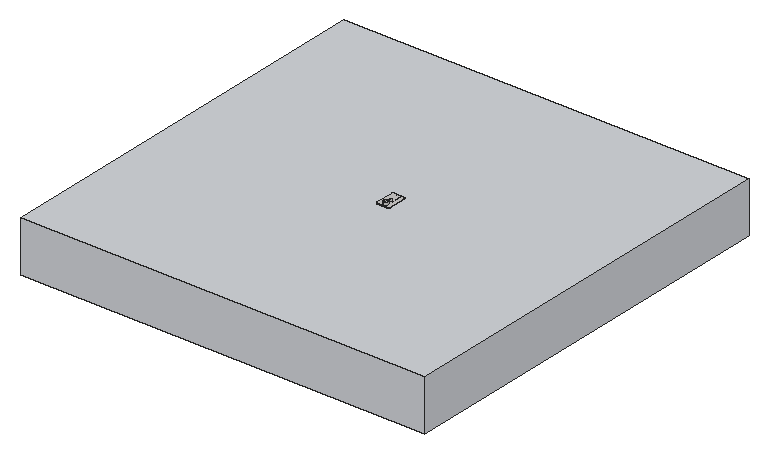
Revit family "Hydrant_Wall_Narrow-Zurn-Z1349", category Plumbing Fixtures, host Face, Revit 2022
Family settings
  Host = Face
  Round Connector Dimension = Use Radius
  Part Type = Normal
  OmniClass Number = 23.65.70.14.11.11
  OmniClass Title = Security Drinking Fountains/Coolers
  Cut with Voids When Loaded = No
  Maintain Annotation Orientation = No
  Shared = No
  Room Calculation Point = No
Parameters (values of type "Z1349 Narrow Wall Hydrant")
  Waste Connection = 1 = 0  # no
  WFU = 0  # constant formula
  Vent Connection = 1 = 0  # no
  URL = "www.zurn.com"
  Product data url = ""
  Product Page URL = "https://www.zurn.com/products/drainage-interceptors/light-commercial/z1349#"
  Product Installation Sheet URL = "https://files.zurn.com/care-cleaning-install-warranty-sheets/hyd701-04_1349_prop65.pdf"
  Product Documentation Link = "https://files.zurn.com/spec-sheets/z1349.pdf"
  Model = "Z1349"  # constant formula
  Male Hose Connector Radius = Male Hose Connector / 2  # 0.375"
  Male Hose Connector = 0.750"
  Female Inlet Connector Radius = Female Inlet Connector / 2  # 0.375"
  Female Inlet Connector = 0.750"
  Duct Size = 1.313"
  Description = "Narrow Wall Hydrant"  # constant formula
  Body Height of Wall Hydrant = 5.500"
  Height of Plate = 4.813"
  Modified Date = "01/23/2026"  # constant formula
  Manufacurer Brand = "Zurn"  # constant formula
  Manufacturer = "Zurn Water, LLC"  # constant formula
  Main Material = Bronze - Zurn - Polished
  HWFU = 0  # constant formula
  HW Connection = 1 = 0  # no
  Width of Plate = 3.125"
  Default Elevation = 20.000"
  Date Created = "01/23/2026"  # constant formula
  CWFU = 1  # constant formula
  CW Connection = 1 = 1  # yes
  Dim_A = 2.000"
  Narrow wall = Steel - Zurn - Stainless - Polished
  Assembly Code = "D2020100"
  Approx. Weight (Lbs) = 2.000"  # constant formula
Reference planes (in)
  plane 1 "Center (Front/Back)": y = 0
  plane 2: z = 0.07296
  plane 3 "Center (Left/Right)": x = 0
  plane 4: y = -1.4065
  plane 5: y = 0.00035
  plane 6: z = -1.04604
  plane 7: y = 0.33987
  plane 8: y = -0.27094
  plane 9: z = -1.26034
  plane 10: z = 0.07296
  plane 11: y = 0.00035
  plane 12: z = 0.19796
  plane 13: z = 0.51296
  plane 14 "TOP END": z = 0.63546
  plane 15: y = 2.40685
  plane 16: y = -2.40615
  plane 17: y = -2.056
  plane 18 "RIGHT END": y = 3.444
  plane 19: y = -1.40615
  plane 20: y = -1.969
  plane 21: y = -0.844
  plane 22: y = 1.45792
  plane 23: y = 0.33987
  plane 24: y = -0.27094
  plane 25: y = 0.18767
  plane 26: y = -0.18697
  plane 27 "MID OF PLATE": x = 1.563
  plane 28: z = -1.92704
  plane 29: z = -0.61404
  plane 30: z = -0.35459
  plane 31: z = -1.04604
  plane 32: z = -1.29159
  plane 33: z = -1.61659
  plane 34: z = -1.27054
  plane 35 "INLET HOLE CENTER": z = -1.92704
  plane 36: x = 1.12278
  plane 37: x = 2.00322
  plane 38: x = 3.125
  plane 39: x = 0.884
  plane 40: x = 2.242
  plane 41: x = 1
  plane 42: x = 2.126
Forms (in)
  Extrusion 1, solid
    sketch origin (0, 0, 0) x (1, 0, 0) y (0, 1, 0)
      loop
        line (-48, 48) -> (-48, -48) -> (48, -48) -> (48, 48) -> (-48, 48)
    from 0.07296 to -12
  Extrusion 2, solid, material "Steel - Zurn - Stainless - Polished" <- "Narrow wall", detail levels fine
    sketch origin (0, -2.40412, 0.07296) x (1, 0, 0) y (0, 1, 0)
      loop
        line (0.25, -0.00203) -> (2.86797, -0.00203)
        arc (2.86797, -0.00203) -> (3.04972, 0.07325) -> (3.125, 0.255) r 0.25703
        line (3.125, 0.255) -> (3.125, 4.55885)
        arc (3.125, 4.55885) -> (3.05116, 4.73712) -> (2.87288, 4.81097) r 0.25212
        line (2.87288, 4.81097) -> (0.25, 4.81097)
        arc (0.25, 4.81097) -> (0.07322, 4.73774) -> (0, 4.56097) r 0.25
        line (0, 4.56097) -> (0, 0.24797)
        arc (0, 0.24797) -> (0.07322, 0.07119) -> (0.25, -0.00203) r 0.25
    from 0 to 0.125
  Extrusion 3, solid, material "Bronze - Zurn - Polished" <- "Main Material", detail levels fine
    sketch origin (1.563, -2.33647, 0.45396) x (0, 1, 0) y (0, 0, 1)
      loop
        line (0.28047, -0.80855) -> (0.28047, -1.93755)
        arc (0.28047, -1.93755) -> (0.31942, -2.03159) -> (0.41347, -2.07055) r 0.133
        line (0.41347, -2.07055) -> (1.94053, -2.07055)
        arc (1.94053, -2.07055) -> (2.02892, -2.03394) -> (2.06553, -1.94555) r 0.125
        line (2.06553, -1.94555) -> (2.06553, -1.625)
        arc (2.06553, -1.625) -> (2.10215, -1.53661) -> (2.19053, -1.5) r 0.125
        line (2.19053, -1.5) -> (2.55134, -1.5)
        arc (2.55134, -1.5) -> (2.63973, -1.53661) -> (2.67634, -1.625) r 0.125
        line (2.67634, -1.625) -> (2.67634, -1.94555)
        arc (2.67634, -1.94555) -> (2.71295, -2.03394) -> (2.80134, -2.07055) r 0.125
        line (2.80134, -2.07055) -> (4.74332, -2.07055) -> (4.74332, -1.74555) -> (3.91939, -1.74555)
        arc (3.91939, -1.74555) -> (3.83101, -1.70894) -> (3.79439, -1.62055) r 0.125
        line (3.79439, -1.62055) -> (3.79439, -0.80855) -> (4.74332, -0.80855) -> (4.74332, -0.381) -> (0.53705, -0.381) -> (-0.06968, -0.381) -> (-0.06968, -0.80855) -> (0.28047, -0.80855)
    from -0.44022 to 0.44022
  Extrusion 4, solid, material "Steel - Zurn - Stainless - Polished" <- "Narrow wall", detail levels fine
    sketch origin (0.00212, -2.43201, 0.19796) x (0, -1, 0) y (1, 0, 0)
      loop
        circle (-1.02551, 1.56088) r 0.5625
      loop
        circle (-1.02551, 1.56088) r 0.375
    from 0 to 0.4375
  Extrusion 5, solid, material "Steel - Zurn - Stainless - Polished" <- "Narrow wall", detail levels fine
    sketch origin (0, -2.4059, 0.19796) x (0, -1, 0) y (1, 0, 0)
      loop
        line (-2.40625, 1.37177) -> (-2.21893, 1.563) -> (-2.40625, 1.75423) -> (-2.59357, 1.57075) -> (-2.40625, 1.37177)
    from 0.315 to 0
  Extrusion 6, solid, material "Bronze - Zurn - Polished" <- "Main Material", detail levels fine
    sketch origin (1.563, -2.41013, 0.08341) x (0, 1, 0) y (0, 0, 1)
      loop
        line (4.81698, -2.01045) -> (5.85413, -2.01045) -> (5.85413, -0.69745) -> (4.81698, -0.69745) -> (4.81698, -2.01045)
    from 0.679 to -0.679
  Extrusion 7, void
    sketch origin (0, 3.43987, 0.08341) x (0, 0, 1) y (1, 0, 0)
      loop
        circle (-1.35395, 1.563) r 0.375
    from 0 to -0.897
Cuts and joins
  Extrusion 7 cuts Extrusion 6
Lines and regions (in)
  Masking region 1
    outline origin (0, 0, 0) x (1, 0, 0) y (0, 0, 1)
      loop
        line (0.884, -1.92704) -> (2.242, -1.92704) -> (2.242, -0.61404) -> (2.00322, -0.61404) -> (2.00322, 0.07296) -> (3.125, 0.07296) -> (3.125, 0.19796) -> (2.126, 0.19796) -> (2.126, 0.63546) -> (1, 0.63546) -> (1, 0.19796) -> (0, 0.19796) -> (0, 0.07296) -> (1.12278, 0.07296) -> (1.12278, -0.61404) -> (0.884, -0.61404) -> (0.884, -1.92704)
  model lines, detail levels coarse+medium
    curve 1: circle (1.563, -1.4065, 0.63546) r 0.375 normal (0, 0, 1)
    curve 3: line (1.563, -1.40665, 0.63546) -> (1.563, -1.40665, -1.27054)
    curve 4: line (1.563, 3.444, -1.27054) -> (1.563, -1.40665, -1.27054)
    curve 5: line (1.563, -1.0315, 0.63546) -> (1.563, -1.7815, 0.63546)
    curve 6: line (1.188, -1.40665, 0.63546) -> (1.938, -1.40665, 0.63546)
    curve 7: line (1.563, 3.444, -0.89554) -> (1.563, 3.444, -1.64554)
    curve 8: line (1.938, 3.444, -1.27054) -> (1.188, 3.444, -1.27054)
    curve 9: line (0, 2.40685, 0) -> (3.125, 2.40685, 0)
    curve 10: line (0, -2.40615, 0) -> (0, 2.40685, 0)
    curve 11: line (3.125, -2.40615, 0) -> (0, -2.40615, 0)
    curve 12: line (3.125, 2.40685, 0) -> (3.125, -2.40615, 0)
  model lines
    curve 2: circle (1.563, 3.444, -1.27054) r 0.375 normal (0, -1, 0)
Dimensions and locks (in)
  plane 7 to plane 8 = 0.61081"
  equal spacing: Extrusion 5 sketch curve, plane 5, Extrusion 5 sketch curve
  Extrusion 5 sketch curve to Extrusion 5 sketch curve = 0.38247"  (x2)
  Extrusion 2 to Extrusion 5 sketch curve = 1.37177"
  Extrusion 5 sketch curve to Extrusion 2 = 2.59382"
  Extrusion 5 sketch curve to Extrusion 5 sketch curve = 0.37471"
  locked: plane 12 to plane 2 at 0.125
  locked: plane 13 to plane 10 at 0.44
  locked: plane 14 "TOP END" to plane 10 at 0.5625
  equal spacing: plane 16, plane 11, plane 15, locked at 2.4065 each
  "Height of Plate": plane 16 to plane 15
  "Body Height of Wall Hydrant": plane 17 to plane 18 "RIGHT END"
  locked: plane 16 to plane 19 at 1
  locked: plane 22 to plane 15 at 0.94893
  locked: plane 23 to plane 15 at 2.06613
  locked: plane 24 to plane 15 at 2.67694
  locked: plane 3 "Center (Left/Right)" to plane 27 "MID OF PLATE" at 1.563
  locked: plane 26 to plane 25 at 0.3787
  locked: plane 16 to plane 26 at 2.217
  locked: plane 10 to plane 30 at 0.42755
  locked: plane 10 to plane 31 at 1.119
  locked: plane 31 to plane 32 at 0.24555
  "Dim_A": plane 10 to plane 28
  locked: plane 2 to plane 33 at 1.68955
  locked: plane 36 to plane 27 "MID OF PLATE" at 0.44022
  locked: plane 27 "MID OF PLATE" to plane 37 at 0.44022
  "Width of Plate": plane 3 "Center (Left/Right)" to plane 38
  equal spacing: plane 29, plane 34, plane 35 "INLET HOLE CENTER", locked at 0.6565 each
  "Duct Size": plane 29 to plane 35 "INLET HOLE CENTER"
  plane 35 "INLET HOLE CENTER" to plane 34 to plane 29 = 0.6565", 0.6565"
  equal spacing: plane 39, plane 27 "MID OF PLATE", plane 40
  locked: plane 39 to plane 40 at 1.358
  equal spacing: plane 41, plane 27 "MID OF PLATE", plane 42, locked at 0.563 each
  locked: plane 41 to plane 42 at 1.126
  "Female Inlet Connector": diameter of cut or joined group of Extrusion 6, Extrusion 7
  "Male Hose Connector": diameter of Extrusion 4 sketch curve
  "Female Inlet Connector": diameter of Extrusion 7 sketch curve
  aligned and locked: plane 2 to Extrusion 1
  aligned and locked: plane 4 to Extrusion 4 sketch curve  (x2)
  aligned and locked: Extrusion 5 to Extrusion 2
  aligned and locked: plane 6 to Extrusion 3 sketch curve
  aligned and locked: Extrusion 3 sketch curve to plane 7
  aligned and locked: plane 8 to Extrusion 3 sketch curve
  aligned and locked: plane 5 to Extrusion 5 sketch curve  (x2)
  aligned and locked: Extrusion 1 to plane 10
  aligned and locked: plane 11 to plane 1 "Center (Front/Back)"
  aligned and locked: Extrusion 2 to plane 10
  aligned and locked: plane 10 to Extrusion 3
  aligned and locked: plane 11 to Extrusion 5
  aligned and locked: plane 12 to Extrusion 2
  aligned and locked: Extrusion 4 to plane 12
  aligned and locked: Extrusion 3 to plane 16
  aligned and locked: plane 15 to Extrusion 3  (x2)
  aligned and locked: cut or joined group of Extrusion 6, Extrusion 7 to plane 15
  aligned and locked: plane 15 to Extrusion 2
  aligned and locked: Extrusion 2 to plane 16
  aligned and locked: Extrusion 3 to plane 17
  aligned and locked: plane 18 "RIGHT END" to cut or joined group of Extrusion 6, Extrusion 7
  aligned and locked: plane 21 to Extrusion 4
  aligned and locked: plane 20 to Extrusion 4
  aligned and locked: plane 22 to Extrusion 3
  aligned and locked: plane 24 to Extrusion 3
  aligned and locked: Extrusion 3 to plane 23
  aligned and locked: plane 25 to Extrusion 5
  aligned and locked: Extrusion 5 to plane 26
  aligned and locked: cut or joined group of Extrusion 6, Extrusion 7 to plane 28
  aligned and locked: plane 29 to cut or joined group of Extrusion 6, Extrusion 7
  aligned and locked: plane 30 to Extrusion 3  (x2)
  aligned and locked: Extrusion 3 to plane 31
  aligned and locked: plane 32 to Extrusion 3
  aligned and locked: plane 14 "TOP END" to Extrusion 4
  aligned and locked: plane 33 to Extrusion 3  (x2)
  aligned and locked: curve 1 to Extrusion 4
  aligned and locked: curve 2 to cut or joined group of Extrusion 6, Extrusion 7
  aligned and locked: plane 14 "TOP END" to curve 3
  aligned and locked: plane 34 to curve 4  (x2)
  aligned and locked: plane 18 "RIGHT END" to curve 4
  aligned and locked: Extrusion 3 to plane 37
  aligned and locked: plane 36 to Extrusion 3
  aligned and locked: curve 8 to plane 34
  aligned and locked: plane 34 to Extrusion 7 sketch curve
  aligned and locked: plane 27 "MID OF PLATE" to Extrusion 7 sketch curve
  aligned and locked: Extrusion 2 to plane 3 "Center (Left/Right)"
  aligned and locked: plane 38 to Extrusion 2
  aligned and locked: plane 13 to Extrusion 5
  aligned and locked: plane 27 "MID OF PLATE" to Extrusion 4 sketch curve  (x2)
  aligned and locked: plane 39 to cut or joined group of Extrusion 6, Extrusion 7
  aligned and locked: cut or joined group of Extrusion 6, Extrusion 7 to plane 40
  aligned and locked: Masking region 1 sketch curve to plane 39
  aligned and locked: plane 35 "INLET HOLE CENTER" to Masking region 1 sketch curve  (x2)
  aligned and locked: plane 29 to Masking region 1 sketch curve  (x4)
  aligned and locked: plane 39 to Masking region 1 sketch curve
  aligned and locked: Masking region 1 sketch curve to plane 36  (x2)
  aligned and locked: plane 10 to Masking region 1 sketch curve  (x3)
  aligned and locked: plane 3 "Center (Left/Right)" to Masking region 1 sketch curve  (x2)
  aligned and locked: plane 12 to Masking region 1 sketch curve  (x4)
  aligned and locked: plane 41 to Masking region 1 sketch curve  (x2)
  aligned and locked: Masking region 1 sketch curve to plane 14 "TOP END"
  aligned and locked: plane 42 to Masking region 1 sketch curve  (x2)
  aligned and locked: plane 14 "TOP END" to Masking region 1 sketch curve
  aligned and locked: Masking region 1 sketch curve to plane 38
  aligned and locked: Masking region 1 sketch curve to plane 37
  aligned and locked: plane 38 to Masking region 1 sketch curve
  aligned and locked: plane 37 to Masking region 1 sketch curve
  aligned and locked: plane 40 to Masking region 1 sketch curve  (x2)
  aligned and locked: plane 3 "Center (Left/Right)" to curve 10  (x2)
  aligned and locked: curve 12 to plane 38
  aligned and locked: plane 38 to curve 12
  aligned and locked: plane 16 to curve 12
  aligned and locked: plane 15 to curve 12
  aligned and locked: plane 15 to curve 10
  aligned and locked: plane 16 to curve 11
Automatic sketch dimensions
  Extrusion 1 sketch curve to Extrusion 1 sketch curve = 96.000"  (x2)
  Extrusion 2 sketch curve to plane 3 "Center (Left/Right)" = 0.000"
  plane 15 to Extrusion 2 sketch curve = 0.000"
  plane 3 "Center (Left/Right)" to Extrusion 2 sketch curve = 0.250"  (x2)
  plane 16 to Extrusion 2 sketch curve = 0.000"
  Extrusion 2 sketch curve to plane 17 = 0.09312"
  Extrusion 2 sketch curve to Extrusion 2 sketch curve = 2.61797"
  Extrusion 2 sketch curve to plane 15 = 0.25212"
  plane 2 to Extrusion 3 sketch curve = 0.000"
  Extrusion 3 sketch curve to plane 17 = 0.000"
  plane 16 to Extrusion 3 sketch curve = 0.000"
  plane 17 to Extrusion 3 sketch curve = 0.133"
  plane 17 to Extrusion 3 sketch curve = 0.25658"
  Extrusion 3 sketch curve to Extrusion 3 sketch curve = 0.125"  (x3)
  Extrusion 3 sketch curve to plane 7 = 0.125"
  plane 7 to Extrusion 3 sketch curve = 0.125"
  Extrusion 3 sketch curve to level = 0.35459"  (x2)
  Extrusion 3 sketch curve to plane 15 = 0.94893"
  Extrusion 3 sketch curve to plane 15 = 0.000"  (x2)
  plane 6 to Extrusion 3 sketch curve = 0.24555"
  plane 6 to Extrusion 3 sketch curve = 0.43755"
  Extrusion 3 sketch curve to Extrusion 3 sketch curve = 0.32055"
  Extrusion 5 sketch curve to Extrusion 5 sketch curve = 0.19123"
  plane 15 to Extrusion 6 sketch curve = 0.000"
  plane 15 to Extrusion 6 sketch curve = 1.03715"
  Extrusion 6 sketch curve to level = 1.92704"
  Extrusion 6 sketch curve to level = 0.61404"
  curve 4 to plane 19 = 0.0005"
  curve 5 to plane 27 "MID OF PLATE" = 0.000"
  curve 6 to plane 19 = 0.0005"
  plane 27 "MID OF PLATE" to curve 7 = 0.000"
  plane 16 to Extrusion 4 sketch curve = 0.99965"
  radius of Extrusion 4 sketch curve = 0.5625"
Connectors (in)
  piping at (1.563, -1.4065, 0.63546), diameter 0.75, driven by "Male Hose Connector Radius", driven by "CW Connection"
    settings: on Extrusion 4, index 2, connector inside diameter 24", connector length 0.000", flow factor 0, pipe flow 0 GPM, pressure drop 0.00 psi, fitting loss kfactor 0, connector angle 0.00°, fixture units 0, engagement length 0.000", angle of deflection 0.00°, flow configuration 0, flow direction 2, fitting loss method 0, system type 20, joint type 0, gender type 0, connector reference index -1, connector utility 1, adjustable connector no, is connector primary yes, connector description "Outet Connection"
  piping at (1.563, 3.444, -1.27054), diameter 0.75, driven by "Female Inlet Connector Radius", driven by "CW Connection"
    settings: on cut or joined group of Extrusion 6, Extrusion 7, index 3, connector inside diameter 24", connector length 0.000", flow factor 0, pipe flow 0 GPM, pressure drop 0.00 psi, fitting loss kfactor 0, connector angle 0.00°, fixture units 0, engagement length 0.000", angle of deflection 0.00°, flow configuration 0, flow direction 1, fitting loss method 0, system type 20, joint type 0, gender type 0, connector reference index -1, connector utility 1, adjustable connector no, is connector primary no, connector description "Ìnlet Connection"
